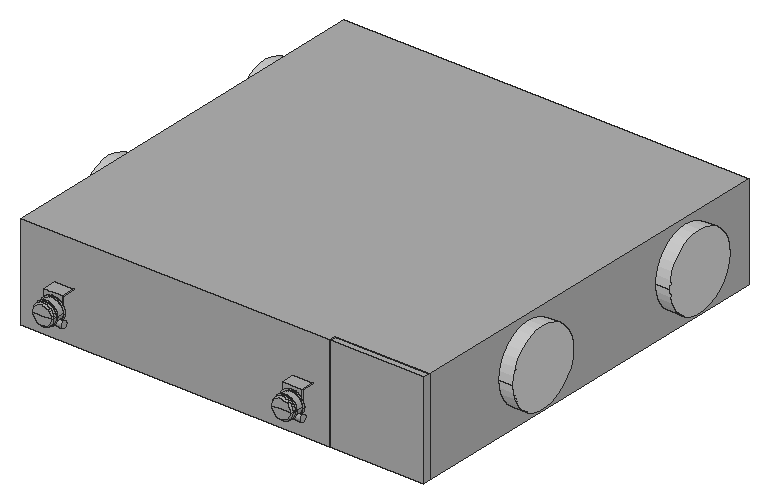
Revit family "BLAUBERG-KOMFORT_EC_DBW_900_Right", category Mechanical Equipment, Revit 2019
Family settings
  Round Connector Dimension = Use Diameter
  Classification = None
  Part Type = Normal
  OmniClass Number = 23.75.35.14
  OmniClass Title = Air Handling Units
  Work Plane-Based = No
  Always vertical = Yes
  Cut with Voids When Loaded = No
  Shared = No
  Room Calculation Point = No
Parameters (values of type "KOMFORT EC DBW 900 R S21")
  Weight = 112.00 kg
  LDrainCon = 28 mm
  Maximum Unit Power = 442 W
  Maximum Unit Current = 3.1 A
  HeaterSupplyConL = 76 mm
  HeaterSupplyConH = 52 mm
  HeaterReturnConL = 141 mm
  HeaterReturnConH = 269 mm
  Heater Pressure Drop [instance] = 0.0 Pa
  Heater Power [instance] = 0 W
  Heater Flow [instance] = 0.0 L/s
  Heater Connection Diameter = 25 mm
  Heat Exchanger Material = "polystyrene"
  LDuctCon = 50 mm  # constant formula
  HDrainCon = 31 mm
  H = 318 mm
  Front Maintenance Zone Width = H  # 318 mm
  Front Maintenance Zone Length = L  # 1349 mm
  ElBoxB1 = 21 mm
  ElBoxB = 22 mm
  ElBoxL = 315 mm
  DrainPipe = yes
  DrainD = if(Drain Connection Diameter = 0 mm, 1 mm, Drain Connection Diameter)  # 14 mm
  Drain Flow [instance] = 0.0 L/s
  Drain Connection Diameter = 14 mm
  LDrainCon2 = 582 mm
  LDrainCon1 = 435 mm
  DPS_H = 198 mm
  DPS_L2 = 404 mm
  DPS_L1 = 147 mm
  B2 = 265 mm
  Air Flow Factor [instance] = 1  # constant formula
  B1 = 432 mm
  Air Flow Exhaust [instance] = 0 m³/h
  L = 1349 mm
  Voltage = 230 V
  URL = "https://blaubergventilatoren.de/en/product/komfort-ec-dbw-900-r-s21"
  Type Comments = "Air Handling Unit KOMFORT EC DBW 900 R S21"
  Transported Air Temperature (°C) = "-25…+40"
  Supply Air Filter = "G4 (F7 option)"
  Sound Pressure Level at 3 m (dBA) = 33
  SEC Class = "A"
  RPM (min-1) = 2720
  Power Factor = 1
  Power = Maximum Unit Power  # 442 W
  Number of Poles = 1
  Model = "KOMFORT EC DBW 900 R S21"
  Maximum Air Flow = 1030 m³/h
  Manufacturer = "Blauberg"
  Maintenance Zone Material = Maintenance Zone
  Front Maintenance Zone Height = 800 mm
  Maintenance Zone [instance] = no
  Load Classification = HVAC
  B = 1351 mm
  Heat recovery efficiency (%) = "75..88"
  Heat Exchanger Type = "counter-flow"
  H1 = 143 mm
  Metal Material = Metal Zinc
  Family Version = "1.0"  # constant formula
  Extract Air Filter = "G4"
  Duct Connection Diameter = 250 mm
  Description = "Air Handling Unit"
  D = Duct Connection Diameter  # 250 mm
  Current = Maximum Unit Current  # 3.1 A
  Copyright = "©Blauberg"
  Casing Material = Painted Steel Gray
  Apparent Power [instance] = Power / Power Factor  # 442 VA
  Air Flow Supply [instance] = 0 m³/h
Types (2, lengths in mm): name | Heat Exchanger Material | DrainPipe | DrainD | Drain Connection Diameter | URL | Type Comments | Model | Heat recovery efficiency (%)
  KOMFORT EC DBW 900 R S21 | "polystyrene" | yes | 14 | 14 | "https://blaubergventilatoren.de/en/product/komfort-ec-dbw-900-r-s21" | "Air Handling Unit KOMFORT EC DBW 900 R S21" | "KOMFORT EC DBW 900 R S21" | "75..88"
  KOMFORT EC DBW 900-E R S21 | "enthalpy" | no | 1 | 0 | "https://blaubergventilatoren.de/en/product/komfort-ec-dbw-900-e-r-s21" | "Air Handling Unit KOMFORT EC DBW 900-E R S21" | "KOMFORT EC DBW 900-E R S21" | "69..85"
Reference planes
  plane 1 "Center (Front/Back)": y = 0
  plane 2: z = 0
  plane 3 "Center (Left/Right)": x = 0
  plane 4 "Back": y = 675.5
  plane 5 "Front": y = -675.5
  plane 6 "L": x = -674.5
  plane 7 "R": x = 674.5
  plane 8 "DuctConB2": y = 410.5
  plane 9 "DuctConB1": y = -243.5
  plane 10: x = -724.5
  plane 11: x = 724.5
  plane 12 "Top": z = 143
  plane 13 "Bottom": z = -175
  plane 14 "DrainConH": z = -144
  plane 15 "DrainConL1": x = -239.5
  plane 16 "DrainConL2": x = 92.5
  plane 17 "S": y = 703.5
  plane 18 "ElBox": y = -654.5
  plane 19: y = -676.5
  plane 20: x = 359.5
  plane 21 "DPSL1": x = 270.5
  plane 22 "DPSL2": x = -527.5
  plane 23 "DPS_H": z = -55
  plane 24 "HeaterReturnConH": z = 94
  plane 25 "HeaterSupplyConH": z = -123
  plane 26 "HeaterSupplyConL": x = 598.5
  plane 27 "HeaterReturnConL": x = 533.5
Forms (mm)
  Extrusion 1, solid, material "Painted Steel Gray" <- "Casing Material", detail levels medium+fine
    sketch origin (0, 0, 0) x (1, 0, 0) y (0, 1, 0)
      loop
        line (-674.5, 675.5) -> (-674.5, -675.5) -> (359.5, -675.5) -> (359.5, -654.5) -> (674.5, -654.5) -> (674.5, 675.5) -> (-674.5, 675.5)
    from -175 to 143
  Extrusion 2, solid, material "Metal Zinc" <- "Metal Material", detail levels medium+fine
    sketch origin (-674.5, 0, 0) x (0, 1, 0) y (0, 0, 1)
      loop
        circle (410.5, 0) r 125
      loop
        circle (-243.5, 0) r 125
    from 0 to -50
  Extrusion 3, solid, material "Metal Zinc" <- "Metal Material", detail levels medium+fine
    sketch origin (674.5, 0, 0) x (0, 1, 0) y (0, 0, 1)
      loop
        circle (410.5, 0) r 125
      loop
        circle (-243.5, 0) r 125
    from 0 to 50
  Extrusion 4, solid, visible <- "DrainPipe", detail levels medium+fine
    sketch origin (0, 675.5, 0) x (-1, 0, 0) y (0, 0, 1)
      loop
        circle (239.5, -144) r 7
    from 0 to 28
  Extrusion 5, solid, visible <- "DrainPipe", detail levels medium+fine
    sketch origin (0, 675.5, 0) x (-1, 0, 0) y (0, 0, 1)
      loop
        circle (-92.5, -144) r 7
    from 0 to 28
  Extrusion 6, solid, material "Painted Steel Gray" <- "Casing Material", detail levels medium+fine
    sketch origin (0, 0, 0) x (1, 0, 0) y (0, 1, 0)
      loop
        line (359.5, -676.5) -> (674.5, -676.5) -> (674.5, -654.5) -> (359.5, -654.5) -> (359.5, -676.5)
    from -175 to 143
  Extrusion 7, solid, material "Painted Steel Gray" <- "Casing Material", detail levels medium+fine
    sketch origin (0, 675.5, 0) x (-1, 0, 0) y (0, 0, 1)
      loop
        circle (-598.5, -123) r 12.5
      loop
        circle (-533.5, 94) r 12.5
    from 0 to 28
Lines and regions (mm)
  model lines, detail levels coarse
    curve 1: line (-674.5, 675.5, 0) -> (674.5, 675.5, 0)
    curve 2: line (-674.5, -675.5, 0) -> (-674.5, 675.5, 0)
    curve 3: line (674.5, -675.5, 0) -> (-674.5, -675.5, 0)
    curve 4: line (674.5, 675.5, 0) -> (674.5, -675.5, 0)
    curve 5: line (-674.5, 410.5, 0) -> (-724.5, 410.5, 0)
    curve 6: line (-674.5, -243.5, 0) -> (-724.5, -243.5, 0)
    curve 7: line (674.5, -243.5, 0) -> (724.5, -243.5, 0)
    curve 8: line (674.5, 410.5, 0) -> (724.5, 410.5, 0)
Dimensions and locks
  equal spacing: plane 6 "L", plane 3 "Center (Left/Right)", plane 7 "R"
  "L": plane 6 "L" to plane 7 "R"
  equal spacing: plane 4 "Back", plane 1 "Center (Front/Back)", plane 5 "Front"
  "B": plane 4 "Back" to plane 5 "Front"
  "B2": plane 4 "Back" to plane 8 "DuctConB2"
  "B1": plane 9 "DuctConB1" to plane 5 "Front"
  "LDuctCon": plane 10 to plane 6 "L"
  "LDuctCon": plane 7 "R" to plane 11
  "H1": plane 12 "Top" to level
  "H": plane 12 "Top" to plane 13 "Bottom"
  "HDrainCon": plane 14 "DrainConH" to plane 13 "Bottom"
  "LDrainCon1": plane 6 "L" to plane 15 "DrainConL1"
  "LDrainCon2": plane 16 "DrainConL2" to plane 7 "R"
  "ElBoxL": plane 20 to plane 7 "R"
  "DPS_L1": plane 6 "L" to plane 22 "DPSL2"
  "DPS_L2": plane 21 "DPSL1" to plane 7 "R"
  "DPS_H": plane 12 "Top" to plane 23 "DPS_H"
  "LDrainCon": plane 17 "S" to plane 4 "Back"
  "ElBoxB1": plane 18 "ElBox" to plane 5 "Front"
  "ElBoxB": plane 18 "ElBox" to plane 19
  "HeaterSupplyConH": plane 13 "Bottom" to plane 25 "HeaterSupplyConH"
  "HeaterReturnConH": plane 13 "Bottom" to plane 24 "HeaterReturnConH"
  "HeaterSupplyConL": plane 26 "HeaterSupplyConL" to plane 7 "R"
  "HeaterReturnConL": plane 27 "HeaterReturnConL" to plane 7 "R"
  "D": diameter of Extrusion 2 sketch curve  (x2)
  "D": diameter of Extrusion 3 sketch curve  (x2)
  "DrainD": diameter of Extrusion 4 sketch curve
  "DrainD": diameter of Extrusion 5 sketch curve
  "Heater Connection Diameter": diameter of Extrusion 7 sketch curve  (x2)
  aligned and locked: level to plane 2
  aligned and locked: Extrusion 1 sketch curve to plane 4 "Back"
  aligned and locked: plane 6 "L" to Extrusion 1 sketch curve
  aligned and locked: plane 5 "Front" to Extrusion 1 sketch curve
  aligned and locked: plane 12 "Top" to Extrusion 1
  aligned and locked: Extrusion 1 to plane 13 "Bottom"
  aligned and locked: plane 11 to Extrusion 3
  aligned and locked: Extrusion 2 to plane 10
  aligned and locked: Extrusion 4 to plane 17 "S"
  aligned and locked: Extrusion 5 to plane 17 "S"
  aligned and locked: Extrusion 6 sketch curve to plane 19
  aligned and locked: plane 18 "ElBox" to Extrusion 6 sketch curve
  aligned and locked: Extrusion 6 sketch curve to plane 7 "R"
  aligned and locked: plane 12 "Top" to Extrusion 6
  aligned and locked: Extrusion 6 to plane 13 "Bottom"
  aligned and locked: plane 20 to Extrusion 6 sketch curve
  aligned and locked: nested 1 to plane 3 "Center (Left/Right)"
  aligned and locked: plane 12 "Top" to nested 1
  aligned and locked: curve 3 to Extrusion 1
  aligned and locked: plane 10 to curve 5
  aligned and locked: plane 6 "L" to curve 5
  aligned and locked: plane 8 "DuctConB2" to curve 5
  aligned and locked: plane 10 to curve 6
  aligned and locked: plane 6 "L" to curve 6
  aligned and locked: plane 9 "DuctConB1" to curve 6
  aligned and locked: plane 11 to curve 7
  aligned and locked: plane 7 "R" to curve 7
  aligned and locked: curve 7 to plane 9 "DuctConB1"
  aligned and locked: plane 11 to curve 8
  aligned and locked: curve 8 to plane 8 "DuctConB2"
  aligned and locked: plane 20 to Extrusion 1 sketch curve
  aligned and locked: plane 7 "R" to Extrusion 1 sketch curve
  aligned and locked: Extrusion 1 sketch curve to plane 18 "ElBox"
  aligned and locked: Extrusion 1 sketch curve to plane 20
  aligned and locked: nested 1 to plane 5 "Front"
  aligned and locked: nested 2 to plane 23 "DPS_H"
  aligned and locked: plane 22 "DPSL2" to nested 2
  aligned and locked: nested 3 to plane 23 "DPS_H"
  aligned and locked: plane 21 "DPSL1" to nested 3
Automatic sketch dimensions
  curve 2 to plane 4 "Back" = 0 mm
  Extrusion 2 sketch curve to level = 0 mm  (x2)
  Extrusion 2 sketch curve to plane 9 "DuctConB1" = 0 mm
  Extrusion 2 sketch curve to plane 8 "DuctConB2" = 0 mm
  Extrusion 3 sketch curve to level = 0 mm  (x2)
  Extrusion 3 sketch curve to plane 9 "DuctConB1" = 0 mm
  Extrusion 3 sketch curve to plane 8 "DuctConB2" = 0 mm
  Extrusion 4 sketch curve to plane 14 "DrainConH" = 0 mm
  Extrusion 4 sketch curve to plane 15 "DrainConL1" = 0 mm
  Extrusion 5 sketch curve to plane 14 "DrainConH" = 0 mm
  Extrusion 5 sketch curve to plane 16 "DrainConL2" = 0 mm
  Extrusion 7 sketch curve to plane 25 "HeaterSupplyConH" = 0 mm
  Extrusion 7 sketch curve to plane 26 "HeaterSupplyConL" = 0 mm
  Extrusion 7 sketch curve to plane 24 "HeaterReturnConH" = 0 mm
  Extrusion 7 sketch curve to plane 27 "HeaterReturnConL" = 0 mm
Nested families
  nested 1: "MaintenanceZone_Rect" at (0, -1475.5, -16) x (-1, 0, 0) z (0, -1, 0), visible <- "Maintenance Zone", type "Side", detail levels medium+fine
    with Maintenance Zone Width 318 mm, Maintenance Zone Length 1349 mm, Maintenance Zone Height 800 mm
  nested 2: "DPS" at (-527.5, -675.5, -55) x (1, 0, 0) z (0, -1, 0), type "DPS", detail levels medium+fine
  nested 3: "DPS" at (270.5, -675.5, -55) x (1, 0, 0) z (0, -1, 0), type "DPS", detail levels medium+fine
Connectors
  electrical at (674.5, -665.5, -16), driven by "Number of Poles", driven by "Load Classification", driven by "Voltage", driven by "Apparent Power", driven by "Power Factor"
    settings: on Extrusion 6, index 1, voltage 230 V, apparent load 442 VA, apparent load phase1 0 VA, apparent load phase2 0 VA, apparent load phase3 0 VA, power factor 1, load classification "HVAC", number of poles 1, system type 30, power factor state 1, is connector primary yes, connector utility no, sub classification motor no, connector description ""
  hvac at (724.5, -243.5, 0), driven by "Duct Connection Diameter", driven by "Air Flow Supply"
    settings: on Extrusion 3, index 2, duct flow 0 m³/h, flow factor 0, pres drop 0.0 Pa, loss coef 0, conn angle 0.00°, conn width 304.8 mm, conn height 304.8 mm, conn diameter 250 mm, duct sys type 3, conn prof type 0, flow config 0, flow direction 1, loss method 0, conn ref index -1, conn util no, is conn primary yes, conn desc "Extract Air"
  hvac at (724.5, 410.5, 0), driven by "Duct Connection Diameter", driven by "Air Flow Exhaust"
    settings: on Extrusion 3, index 3, duct flow 0 m³/h, flow factor 0, pres drop 0.0 Pa, loss coef 0, conn angle 0.00°, conn width 304.8 mm, conn height 304.8 mm, conn diameter 250 mm, duct sys type 1, conn prof type 0, flow config 0, flow direction 2, loss method 0, conn ref index -1, conn util no, is conn primary no, conn desc "Supply Air"
  hvac at (-724.5, 410.5, 0), driven by "Duct Connection Diameter", driven by "Air Flow Supply"
    settings: on Extrusion 2, index 4, duct flow 0 m³/h, flow factor 0, pres drop 0.0 Pa, loss coef 0, conn angle 0.00°, conn width 304.8 mm, conn height 304.8 mm, conn diameter 250 mm, duct sys type 3, conn prof type 0, flow config 1, flow direction 2, loss method 0, conn ref index -1, conn util no, is conn primary no, conn desc "Exhaust Air"
  hvac at (-724.5, -243.5, 0), driven by "Duct Connection Diameter", driven by "Air Flow Exhaust"
    settings: on Extrusion 2, index 5, duct flow 0 m³/h, flow factor 0, pres drop 0.0 Pa, loss coef 0, conn angle 0.00°, conn width 304.8 mm, conn height 304.8 mm, conn diameter 250 mm, duct sys type 1, conn prof type 0, flow config 1, flow direction 1, loss method 0, conn ref index -1, conn util no, is conn primary no, conn desc "Intake Air"
  piping at (-239.5, 703.5, -144), diameter 14, driven by "Drain Connection Diameter", driven by "Drain Flow"
    settings: on Extrusion 4, index 6, connector inside diameter 609.6 mm, connector length 0 mm, flow factor 0, pipe flow 0.0 L/s, pressure drop 0.0 Pa, fitting loss kfactor 0, connector angle 0.00°, fixture units 0, engagement length 0 mm, angle of deflection 0.00°, flow configuration 1, flow direction 2, fitting loss method 0, system type 16, joint type 0, gender type 0, connector reference index -1, connector utility 0, adjustable connector no, is connector primary yes, connector description ""
  piping at (92.5, 703.5, -144), diameter 14, driven by "Drain Connection Diameter", driven by "Drain Flow"
    settings: on Extrusion 5, index 7, connector inside diameter 609.6 mm, connector length 0 mm, flow factor 0, pipe flow 0.0 L/s, pressure drop 0.0 Pa, fitting loss kfactor 0, connector angle 0.00°, fixture units 0, engagement length 0 mm, angle of deflection 0.00°, flow configuration 1, flow direction 2, fitting loss method 0, system type 16, joint type 0, gender type 0, connector reference index -1, connector utility 0, adjustable connector no, is connector primary no, connector description ""
  piping at (533.5, 703.5, 94), diameter 25, driven by "Heater Flow", driven by "Heater Pressure Drop", driven by "Heater Connection Diameter"
    settings: on Extrusion 7, index 8, connector inside diameter 609.6 mm, connector length 0 mm, flow factor 0, pipe flow 0.0 L/s, pressure drop 0.0 Pa, fitting loss kfactor 0, connector angle 0.00°, fixture units 0, engagement length 0 mm, angle of deflection 0.00°, flow configuration 1, flow direction 2, fitting loss method 4, system type 8, joint type 0, gender type 0, connector reference index -1, connector utility 0, adjustable connector no, is connector primary no, connector description "Water outlet"
  piping at (598.5, 703.5, -123), diameter 25, driven by "Heater Flow", driven by "Heater Pressure Drop", driven by "Heater Connection Diameter"
    settings: on Extrusion 7, index 9, connector inside diameter 609.6 mm, connector length 0 mm, flow factor 0, pipe flow 0.0 L/s, pressure drop 0.0 Pa, fitting loss kfactor 0, connector angle 0.00°, fixture units 0, engagement length 0 mm, angle of deflection 0.00°, flow configuration 1, flow direction 1, fitting loss method 4, system type 7, joint type 0, gender type 0, connector reference index -1, connector utility 0, adjustable connector no, is connector primary no, connector description "Water inlet"
Definition of nested family "MaintenanceZone_Rect"
  Parameters (values of type "MaintenanceZone_Rect")
    Maintenance Zone Width = 500 mm
    Material = none
    Maintenance Zone Length = 1000 mm
    Maintenance Zone Height = 300 mm
    Family Version = ""
    Default Elevation = 1219.2 mm
    Copyright = ""
  Reference planes
    plane 1 "Center (Front/Back)": y = 0
    plane 2: z = 0
    plane 3 "Center (Left/Right)": x = 0
    plane 4: x = -500
    plane 5: x = 500
    plane 6: y = 250
    plane 7: y = -250
    plane 8: z = -300
  Forms (mm)
    Extrusion 1, solid, material <- "Material", detail levels medium+fine
      sketch origin (0, 0, 0) x (1, 0, 0) y (0, 1, 0)
        loop
          line (-500, 250) -> (-500, -250) -> (500, -250) -> (500, 250) -> (-500, 250)
      from 0 to -300
  Lines and regions (mm)
    symbolic lines, detail levels medium+fine
      curve 1: line (-500, 0, 0) -> (500, 0, 0)
      curve 2: line (-500, 0, -300) -> (-500, 0, 0)
      curve 3: line (500, 0, -300) -> (-500, 0, -300)
      curve 4: line (500, 0, 0) -> (500, 0, -300)
      curve 5: line (0, 250, 0) -> (0, -250, 0)
      curve 6: line (0, 250, -300) -> (0, 250, 0)
      curve 7: line (0, -250, -300) -> (0, 250, -300)
      curve 8: line (0, -250, 0) -> (0, -250, -300)
      curve 9: line (-500, 250, 0) -> (500, 250, 0)
      curve 10: line (-500, -250, 0) -> (-500, 250, 0)
      curve 11: line (500, -250, 0) -> (-500, -250, 0)
      curve 12: line (500, 250, 0) -> (500, -250, 0)
  Dimensions and locks
    equal spacing: plane 6, plane 1 "Center (Front/Back)", plane 7
    equal spacing: plane 4, plane 3 "Center (Left/Right)", plane 5
    "Maintenance Zone Width": plane 6 to plane 7
    "Maintenance Zone Length": plane 4 to plane 5
    "Maintenance Zone Height": plane 2 to plane 8
    aligned and locked: level to plane 2
    aligned and locked: Extrusion 1 sketch curve to plane 6
    aligned and locked: plane 4 to Extrusion 1 sketch curve
    aligned and locked: plane 7 to Extrusion 1 sketch curve
    aligned and locked: Extrusion 1 sketch curve to plane 5
    aligned and locked: Extrusion 1 to plane 8
    aligned and locked: curve 1 to Extrusion 1
    aligned and locked: curve 2 to Extrusion 1
    aligned and locked: curve 3 to Extrusion 1
    aligned and locked: curve 4 to Extrusion 1
    aligned and locked: curve 5 to Extrusion 1
    aligned and locked: curve 6 to Extrusion 1
    aligned and locked: curve 7 to Extrusion 1
    aligned and locked: curve 8 to Extrusion 1
    aligned and locked: curve 9 to Extrusion 1
    aligned and locked: curve 10 to Extrusion 1
    aligned and locked: curve 11 to Extrusion 1
    aligned and locked: curve 12 to Extrusion 1
Definition of nested family "DPS"
  Parameters (values of type "DPS")
    W1 = 65 mm
    Thikness = 2 mm
    Material = none
    H1 = 47 mm
    Default Elevation = 1219.2 mm
  Reference planes
    plane 1 "Center (Front/Back)": y = 0
    plane 2: z = 0
    plane 3 "Center (Left/Right)": x = 0
    plane 4: z = 47
    plane 5: z = 51.5
    plane 6: z = 75.5
    plane 7: z = 78
    plane 8: z = 92
    plane 9: z = 86
    plane 10: x = -32.5
    plane 11: x = 32.5
    plane 12 "1": y = 50
    plane 13: y = 48
    plane 14: z = 45
    plane 15 "2": y = -22
    plane 16: z = 64
  Forms (mm)
    Revolve 1, solid, material <- "Material"
      sketch origin (0, 0, 0) x (1, 0, 0) y (0, 0, 1)
        loop
          line (-40.5, 47) -> (0, 47) -> (0, 92) -> (-31, 92) -> (-35, 86) -> (-35, 78) -> (-37.309, 78) -> (-37.309, 75.5) -> (-36, 75.5) -> (-36, 51.5) -> (-40.5, 51.5) -> (-40.5, 47)
        axis (0, 92) -> (0, 47)
      angle from 0 to 360
    Extrusion 2, solid, material <- "Material"
      sketch origin (0, 0, 0) x (0, 1, 0) y (0, 0, 1)
        loop
          line (50, 0) -> (50, 47) -> (0, 47) -> (0, 45) -> (48, 45) -> (48, 0) -> (50, 0)
      from -32.5 to 32.5
    Extrusion 3, solid, material <- "Material"
      sketch origin (0, 0, 0) x (0, 1, 0) y (0, 0, 1)
        loop
          circle (-22, 64) r 10
      from 0 to 50
  Cuts and joins
    joined: Revolve 1, Extrusion 3
  Dimensions and locks
    locked: plane 5 to plane 4 at 4.5
    locked: plane 6 to plane 5 at 24
    locked: plane 7 to plane 6 at 2.5
    locked: plane 8 to plane 9 at 6
    locked: plane 9 to plane 7 at 8
    "H1": plane 4 to level
    equal spacing: plane 11, plane 3 "Center (Left/Right)", plane 10
    "W1": plane 11 to plane 10
    "Thikness": plane 4 to plane 14
    "Thikness": plane 12 "1" to plane 13
    locked: plane 1 "Center (Front/Back)" to plane 12 "1" at 50
    locked: plane 15 "2" to plane 1 "Center (Front/Back)" at 22
    plane 16 to plane 4 = 17 mm
    aligned and locked: level to plane 2
    aligned and locked: Revolve 1 sketch curve to plane 3 "Center (Left/Right)"  (x2)
    aligned and locked: plane 6 to Revolve 1 sketch curve
    aligned and locked: plane 7 to Revolve 1 sketch curve
    aligned and locked: plane 5 to Revolve 1 sketch curve
    aligned and locked: plane 8 to Revolve 1 sketch curve
    aligned and locked: Extrusion 2 sketch curve to plane 13
    aligned and locked: plane 14 to Extrusion 2 sketch curve
    aligned and locked: Extrusion 2 sketch curve to plane 1 "Center (Front/Back)"
    aligned and locked: Extrusion 2 to plane 10
    aligned and locked: plane 11 to Extrusion 2
  Automatic sketch dimensions
    Revolve 1 sketch curve to plane 4 = 0 mm
    Revolve 1 sketch curve to plane 9 = 0 mm
    Revolve 1 sketch curve to plane 3 "Center (Left/Right)" = 31 mm
    Revolve 1 sketch curve to Revolve 1 sketch curve = 4 mm
    Revolve 1 sketch curve to Revolve 1 sketch curve = 1 mm
    Revolve 1 sketch curve to Revolve 1 sketch curve = 1.309 mm
    Revolve 1 sketch curve to Revolve 1 sketch curve = 4.5 mm
    Revolve 1 sketch curve to Revolve 1 sketch curve = 27.818 mm
    Revolve 1 sketch curve to Revolve 1 sketch curve = 2.182 mm
    Extrusion 2 sketch curve to level = 0 mm
    Extrusion 2 sketch curve to plane 12 "1" = 0 mm
    Extrusion 2 sketch curve to plane 4 = 0 mm
    Extrusion 3 sketch curve to plane 15 "2" = 0 mm
    Extrusion 3 sketch curve to plane 16 = 0 mm
    radius of Extrusion 3 sketch curve = 10 mm
